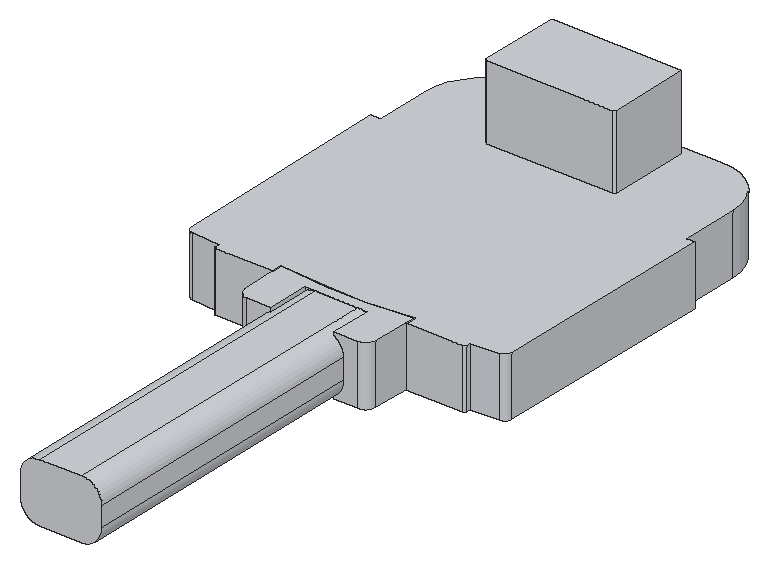
Revit family "Deca_Caixa de descarga embutida para alvenaria e drywall para bacia de piso_Caixa embutida Hydra_2500.CX.AF", category Plumbing Fixtures, host Face, Revit 2019 (continued)
Automatic sketch dimensions
  Masking region 7 sketch curve to Masking region 7 sketch curve = 50.343 mm
  Masking region 7 sketch curve to Masking region 7 sketch curve = 13 mm
  Masking region 7 sketch curve to Masking region 7 sketch curve = 12.68 mm
  Masking region 7 sketch curve to Masking region 7 sketch curve = 3 mm
  Masking region 7 sketch curve to Masking region 7 sketch curve = 118.619 mm
  Masking region 7 sketch curve to Masking region 7 sketch curve = 1.681 mm  (x2)
  Masking region 7 sketch curve to Masking region 7 sketch curve = 6.67 mm
  Masking region 7 sketch curve to Masking region 7 sketch curve = 7.7 mm
  Masking region 7 sketch curve to Masking region 7 sketch curve = 4.711 mm
  Masking region 7 sketch curve to Masking region 7 sketch curve = 9.7 mm
  Masking region 7 sketch curve to Masking region 7 sketch curve = 0.671 mm
  Masking region 7 sketch curve to Masking region 7 sketch curve = 0.837 mm
  Masking region 7 sketch curve to Masking region 7 sketch curve = 1.993 mm
  Masking region 7 sketch curve to Masking region 7 sketch curve = 3.986 mm
  Masking region 7 sketch curve to Masking region 7 sketch curve = 6.65 mm
  Masking region 7 sketch curve to Masking region 7 sketch curve = 1.35 mm  (x2)
  Masking region 7 sketch curve to Masking region 7 sketch curve = 4.65 mm  (x2)
  Masking region 7 sketch curve to Masking region 7 sketch curve = 9 mm  (x2)
  Masking region 7 sketch curve to Masking region 7 sketch curve = 11.5 mm
  Masking region 7 sketch curve to Masking region 7 sketch curve = 0.135 mm
  Masking region 7 sketch curve to Masking region 7 sketch curve = 1.5 mm  (x2)
  Masking region 7 sketch curve to Masking region 7 sketch curve = 79.5 mm
  Masking region 7 sketch curve to Masking region 7 sketch curve = 5.552 mm
  Masking region 7 sketch curve to Masking region 7 sketch curve = 1.448 mm
  Masking region 7 sketch curve to Masking region 7 sketch curve = 0.073 mm
  Masking region 7 sketch curve to Masking region 7 sketch curve = 13.666 mm
  Masking region 7 sketch curve to Masking region 7 sketch curve = 1.413 mm
  Masking region 7 sketch curve to Masking region 7 sketch curve = 2.252 mm
  Masking region 7 sketch curve to Masking region 7 sketch curve = 3.516 mm
  Masking region 7 sketch curve to Masking region 7 sketch curve = 1.332 mm
  Masking region 7 sketch curve to Masking region 7 sketch curve = 11.35 mm  (x2)
  Masking region 7 sketch curve to Masking region 7 sketch curve = 18.6 mm
  Masking region 7 sketch curve to Masking region 7 sketch curve = 6.248 mm
  Masking region 7 sketch curve to Masking region 7 sketch curve = 10.103 mm
  Masking region 7 sketch curve to Masking region 7 sketch curve = 4.55 mm
  Masking region 7 sketch curve to Masking region 7 sketch curve = 0 mm  (x3)
  Masking region 7 sketch curve to Masking region 7 sketch curve = 11 mm
  Masking region 7 sketch curve to Masking region 7 sketch curve = 6.144 mm
  Masking region 6 sketch curve to Masking region 6 sketch curve = 9.198 mm
  Masking region 6 sketch curve to Masking region 6 sketch curve = 5.25 mm
  Masking region 6 sketch curve to Masking region 6 sketch curve = 44 mm
  Masking region 6 sketch curve to Masking region 6 sketch curve = 85.194 mm
  Masking region 7 sketch curve to Masking region 7 sketch curve = 12 mm
  Masking region 7 sketch curve to Masking region 7 sketch curve = 0.781 mm
  Masking region 7 sketch curve to Masking region 7 sketch curve = 1.794 mm
  Masking region 7 sketch curve to Masking region 7 sketch curve = 15.55 mm
  Masking region 7 sketch curve to Masking region 7 sketch curve = 1.376 mm
  Masking region 7 sketch curve to Masking region 7 sketch curve = 1.636 mm
  Masking region 4 sketch curve to Masking region 4 sketch curve = 85.8 mm
  Masking region 4 sketch curve to Masking region 4 sketch curve = 5.25 mm  (x2)
  Masking region 4 sketch curve to Masking region 4 sketch curve = 3.246 mm  (x2)
  Masking region 4 sketch curve to Masking region 4 sketch curve = 1.56 mm  (x2)
  Masking region 4 sketch curve to Masking region 4 sketch curve = 85.193 mm
  Masking region 5 sketch curve to Masking region 5 sketch curve = 150.011 mm
  Masking region 5 sketch curve to Masking region 5 sketch curve = 42.498 mm
  Masking region 5 sketch curve to Masking region 5 sketch curve = 1.121 mm
  Masking region 5 sketch curve to Masking region 5 sketch curve = 0.382 mm  (x2)
  Masking region 5 sketch curve to Masking region 5 sketch curve = 1.118 mm
  Masking region 5 sketch curve to Masking region 5 sketch curve = 86.9 mm
  Masking region 5 sketch curve to Masking region 5 sketch curve = 1.326 mm
  Masking region 5 sketch curve to Masking region 5 sketch curve = 4.46 mm
  Masking region 5 sketch curve to Masking region 5 sketch curve = 7.61 mm  (x2)
  Masking region 5 sketch curve to Masking region 5 sketch curve = 8 mm  (x2)
  Masking region 5 sketch curve to Masking region 5 sketch curve = 0.018 mm
  Masking region 5 sketch curve to Masking region 5 sketch curve = 6.948 mm
  Masking region 8 sketch curve to Masking region 8 sketch curve = 0.103 mm
  Masking region 8 sketch curve to Masking region 8 sketch curve = 6 mm
  Masking region 8 sketch curve to Masking region 8 sketch curve = 0.099 mm
  Masking region 8 sketch curve to Masking region 8 sketch curve = 49.001 mm  (x2)
  Masking region 8 sketch curve to Masking region 8 sketch curve = 0 mm
  Masking region 8 sketch curve to Masking region 8 sketch curve = 6.099 mm
  Masking region 9 sketch curve to Masking region 9 sketch curve = 24.5 mm  (x2)
  Masking region 9 sketch curve to Masking region 9 sketch curve = 1.719 mm  (x2)
  Masking region 9 sketch curve to Masking region 9 sketch curve = 2.531 mm  (x2)
  Masking region 9 sketch curve to Masking region 9 sketch curve = 6.357 mm  (x2)
  Masking region 9 sketch curve to Masking region 9 sketch curve = 4.393 mm  (x2)
  Masking region 9 sketch curve to Masking region 9 sketch curve = 15 mm
  Masking region 9 sketch curve to Masking region 9 sketch curve = 0.131 mm  (x2)
  Masking region 9 sketch curve to Masking region 9 sketch curve = 1.806 mm  (x2)
  Masking region 9 sketch curve to Masking region 9 sketch curve = 10 mm  (x6)
  Masking region 9 sketch curve to Masking region 9 sketch curve = 8.325 mm  (x3)
  Masking region 9 sketch curve to Masking region 9 sketch curve = 16.016 mm  (x2)
  Masking region 9 sketch curve to Masking region 9 sketch curve = 2.628 mm  (x3)
  Masking region 9 sketch curve to Masking region 9 sketch curve = 4.848 mm  (x2)
  Masking region 9 sketch curve to Masking region 9 sketch curve = 6.214 mm  (x2)
  Masking region 9 sketch curve to Masking region 9 sketch curve = 0.063 mm
  Masking region 9 sketch curve to Masking region 9 sketch curve = 151.048 mm
  Masking region 9 sketch curve to Masking region 9 sketch curve = 1.365 mm
  Masking region 9 sketch curve to Masking region 9 sketch curve = 2.632 mm
  Masking region 9 sketch curve to Masking region 9 sketch curve = 8.418 mm
  Masking region 9 sketch curve to Masking region 9 sketch curve = 3.73 mm
  Masking region 9 sketch curve to Masking region 9 sketch curve = 3.869 mm
  Masking region 9 sketch curve to Masking region 9 sketch curve = 24.337 mm
  Masking region 9 sketch curve to Masking region 9 sketch curve = 1.006 mm  (x2)
  Masking region 9 sketch curve to Masking region 9 sketch curve = 1.027 mm  (x2)
  Masking region 9 sketch curve to Masking region 9 sketch curve = 0.01 mm
  Masking region 9 sketch curve to Masking region 9 sketch curve = 0.013 mm  (x2)
  Masking region 9 sketch curve to Masking region 9 sketch curve = 1 mm
  Masking region 9 sketch curve to Masking region 9 sketch curve = 0.323 mm
  Masking region 9 sketch curve to Masking region 9 sketch curve = 6.519 mm  (x2)
  Masking region 9 sketch curve to Masking region 9 sketch curve = 4.481 mm
  Masking region 9 sketch curve to Masking region 9 sketch curve = 6.371 mm  (x2)
  Masking region 9 sketch curve to Masking region 9 sketch curve = 2.978 mm  (x2)
  Masking region 9 sketch curve to Masking region 9 sketch curve = 14.488 mm
  Masking region 9 sketch curve to Masking region 9 sketch curve = 15.661 mm
  Masking region 9 sketch curve to Masking region 9 sketch curve = 1.161 mm
  Masking region 9 sketch curve to Masking region 9 sketch curve = 0.901 mm
  Masking region 9 sketch curve to Masking region 9 sketch curve = 1.571 mm
  Masking region 9 sketch curve to Masking region 9 sketch curve = 1.299 mm
  Masking region 9 sketch curve to Masking region 9 sketch curve = 0.004 mm
  Masking region 9 sketch curve to Masking region 9 sketch curve = 0.577 mm  (x2)
  Masking region 9 sketch curve to Masking region 9 sketch curve = 0.446 mm  (x2)
  Masking region 9 sketch curve to Masking region 9 sketch curve = 0 mm  (x6)
  Masking region 9 sketch curve to Masking region 9 sketch curve = 2.131 mm
  Masking region 9 sketch curve to Masking region 9 sketch curve = 0.022 mm  (x3)
  Masking region 8 sketch curve to Masking region 8 sketch curve = 85.8 mm
  Masking region 8 sketch curve to Masking region 8 sketch curve = 5.25 mm  (x2)
  Masking region 8 sketch curve to Masking region 8 sketch curve = 3.246 mm  (x2)
  Masking region 8 sketch curve to Masking region 8 sketch curve = 1.56 mm  (x2)
  Masking region 8 sketch curve to Masking region 8 sketch curve = 85.193 mm
  Masking region 9 sketch curve to Masking region 9 sketch curve = 150.011 mm
  Masking region 9 sketch curve to Masking region 9 sketch curve = 42.498 mm
  Masking region 9 sketch curve to Masking region 9 sketch curve = 1.121 mm
  Masking region 9 sketch curve to Masking region 9 sketch curve = 0.382 mm  (x2)
  Masking region 9 sketch curve to Masking region 9 sketch curve = 1.118 mm
  Masking region 9 sketch curve to Masking region 9 sketch curve = 86.9 mm
  Masking region 9 sketch curve to Masking region 9 sketch curve = 1.326 mm
  Masking region 9 sketch curve to Masking region 9 sketch curve = 4.46 mm
  Masking region 9 sketch curve to Masking region 9 sketch curve = 7.61 mm  (x2)
  Masking region 9 sketch curve to Masking region 9 sketch curve = 8 mm  (x2)
  Masking region 9 sketch curve to Masking region 9 sketch curve = 0.018 mm
  Masking region 9 sketch curve to Masking region 9 sketch curve = 6.948 mm
  Masking region 10 sketch curve to Masking region 10 sketch curve = 0.103 mm
  Masking region 10 sketch curve to Masking region 10 sketch curve = 6 mm
  Masking region 10 sketch curve to Masking region 10 sketch curve = 0.099 mm
  Masking region 10 sketch curve to Masking region 10 sketch curve = 49.001 mm  (x2)
  Masking region 10 sketch curve to Masking region 10 sketch curve = 0 mm
  Masking region 10 sketch curve to Masking region 10 sketch curve = 6.099 mm
  Masking region 11 sketch curve to Masking region 11 sketch curve = 24.5 mm  (x2)
  Masking region 11 sketch curve to Masking region 11 sketch curve = 1.719 mm  (x2)
  Masking region 11 sketch curve to Masking region 11 sketch curve = 2.531 mm  (x2)
  Masking region 11 sketch curve to Masking region 11 sketch curve = 6.357 mm  (x2)
  Masking region 11 sketch curve to Masking region 11 sketch curve = 4.393 mm  (x2)
  Masking region 11 sketch curve to Masking region 11 sketch curve = 15 mm
  Masking region 11 sketch curve to Masking region 11 sketch curve = 0.131 mm  (x2)
  Masking region 11 sketch curve to Masking region 11 sketch curve = 1.806 mm  (x2)
  Masking region 11 sketch curve to Masking region 11 sketch curve = 10 mm  (x6)
  Masking region 11 sketch curve to Masking region 11 sketch curve = 8.325 mm  (x3)
  Masking region 11 sketch curve to Masking region 11 sketch curve = 16.016 mm  (x2)
  Masking region 11 sketch curve to Masking region 11 sketch curve = 2.628 mm  (x3)
  Masking region 11 sketch curve to Masking region 11 sketch curve = 4.848 mm  (x2)
  Masking region 11 sketch curve to Masking region 11 sketch curve = 6.214 mm  (x2)
  Masking region 11 sketch curve to Masking region 11 sketch curve = 0.063 mm
  Masking region 11 sketch curve to Masking region 11 sketch curve = 151.048 mm
  Masking region 11 sketch curve to Masking region 11 sketch curve = 1.365 mm
  Masking region 11 sketch curve to Masking region 11 sketch curve = 2.632 mm
  Masking region 11 sketch curve to Masking region 11 sketch curve = 8.418 mm
  Masking region 11 sketch curve to Masking region 11 sketch curve = 3.73 mm
  Masking region 11 sketch curve to Masking region 11 sketch curve = 3.869 mm
  Masking region 11 sketch curve to Masking region 11 sketch curve = 24.337 mm
  Masking region 11 sketch curve to Masking region 11 sketch curve = 1.006 mm  (x2)
  Masking region 11 sketch curve to Masking region 11 sketch curve = 1.027 mm  (x2)
  Masking region 11 sketch curve to Masking region 11 sketch curve = 0.01 mm
  Masking region 11 sketch curve to Masking region 11 sketch curve = 0.013 mm  (x2)
  Masking region 11 sketch curve to Masking region 11 sketch curve = 1 mm
  Masking region 11 sketch curve to Masking region 11 sketch curve = 0.323 mm
  Masking region 11 sketch curve to Masking region 11 sketch curve = 6.519 mm  (x2)
  Masking region 11 sketch curve to Masking region 11 sketch curve = 4.481 mm
  Masking region 11 sketch curve to Masking region 11 sketch curve = 6.371 mm  (x2)
  Masking region 11 sketch curve to Masking region 11 sketch curve = 2.978 mm  (x2)
  Masking region 11 sketch curve to Masking region 11 sketch curve = 14.488 mm
  Masking region 11 sketch curve to Masking region 11 sketch curve = 15.661 mm
  Masking region 11 sketch curve to Masking region 11 sketch curve = 1.161 mm
  Masking region 11 sketch curve to Masking region 11 sketch curve = 0.901 mm
  Masking region 11 sketch curve to Masking region 11 sketch curve = 1.571 mm
  Masking region 11 sketch curve to Masking region 11 sketch curve = 1.299 mm
  Masking region 11 sketch curve to Masking region 11 sketch curve = 0.004 mm
  Masking region 11 sketch curve to Masking region 11 sketch curve = 0.577 mm  (x2)
  Masking region 11 sketch curve to Masking region 11 sketch curve = 0.446 mm  (x2)
  Masking region 11 sketch curve to Masking region 11 sketch curve = 0 mm  (x6)
  Masking region 11 sketch curve to Masking region 11 sketch curve = 2.131 mm
  Masking region 11 sketch curve to Masking region 11 sketch curve = 0.022 mm  (x3)
  Masking region 10 sketch curve to Masking region 10 sketch curve = 85.8 mm
  Masking region 10 sketch curve to Masking region 10 sketch curve = 5.25 mm  (x2)
  Masking region 10 sketch curve to Masking region 10 sketch curve = 3.246 mm  (x2)
  Masking region 10 sketch curve to Masking region 10 sketch curve = 1.56 mm  (x2)
  Masking region 10 sketch curve to Masking region 10 sketch curve = 85.193 mm
  Masking region 11 sketch curve to Masking region 11 sketch curve = 150.011 mm
  Masking region 11 sketch curve to Masking region 11 sketch curve = 42.498 mm
  Masking region 11 sketch curve to Masking region 11 sketch curve = 1.121 mm
  Masking region 11 sketch curve to Masking region 11 sketch curve = 0.382 mm  (x2)
  Masking region 11 sketch curve to Masking region 11 sketch curve = 1.118 mm
  Masking region 11 sketch curve to Masking region 11 sketch curve = 86.9 mm
  Masking region 11 sketch curve to Masking region 11 sketch curve = 1.326 mm
  Masking region 11 sketch curve to Masking region 11 sketch curve = 4.46 mm
  Masking region 11 sketch curve to Masking region 11 sketch curve = 7.61 mm  (x2)
  Masking region 11 sketch curve to Masking region 11 sketch curve = 8 mm  (x2)
  Masking region 11 sketch curve to Masking region 11 sketch curve = 0.018 mm
  Masking region 11 sketch curve to Masking region 11 sketch curve = 6.948 mm
  Masking region 12 sketch curve to Masking region 12 sketch curve = 1 mm  (x2)
  Masking region 12 sketch curve to Masking region 12 sketch curve = 91.8 mm
  Masking region 12 sketch curve to Masking region 12 sketch curve = 754.85 mm
  Masking region 12 sketch curve to Masking region 12 sketch curve = 0 mm  (x3)
  Masking region 12 sketch curve to Masking region 12 sketch curve = 6 mm  (x3)
  Masking region 12 sketch curve to Masking region 12 sketch curve = 118.5 mm
  Masking region 12 sketch curve to Masking region 12 sketch curve = 8.496 mm
  Masking region 12 sketch curve to Masking region 12 sketch curve = 4.806 mm
  Masking region 12 sketch curve to Masking region 12 sketch curve = 3.246 mm
  Masking region 12 sketch curve to Masking region 12 sketch curve = 1.56 mm  (x2)
  Masking region 13 sketch curve to Masking region 13 sketch curve = 474 mm
  Masking region 13 sketch curve to Masking region 13 sketch curve = 22.303 mm
  Masking region 13 sketch curve to Masking region 13 sketch curve = 0.04 mm
  Masking region 13 sketch curve to Masking region 13 sketch curve = 37.758 mm
  Masking region 13 sketch curve to Masking region 13 sketch curve = 274.219 mm
  Masking region 13 sketch curve to Masking region 13 sketch curve = 0.022 mm
  Masking region 13 sketch curve to Masking region 13 sketch curve = 50 mm
  Masking region 13 sketch curve to Masking region 13 sketch curve = 50.343 mm
  Masking region 13 sketch curve to Masking region 13 sketch curve = 13 mm
  Masking region 13 sketch curve to Masking region 13 sketch curve = 12.68 mm
  Masking region 13 sketch curve to Masking region 13 sketch curve = 3 mm
  Masking region 13 sketch curve to Masking region 13 sketch curve = 118.619 mm
  Masking region 13 sketch curve to Masking region 13 sketch curve = 1.681 mm  (x2)
  Masking region 13 sketch curve to Masking region 13 sketch curve = 6.67 mm
  Masking region 13 sketch curve to Masking region 13 sketch curve = 7.7 mm
  Masking region 13 sketch curve to Masking region 13 sketch curve = 4.711 mm
  Masking region 13 sketch curve to Masking region 13 sketch curve = 9.7 mm
  Masking region 13 sketch curve to Masking region 13 sketch curve = 0.671 mm
  Masking region 13 sketch curve to Masking region 13 sketch curve = 0.837 mm
  Masking region 13 sketch curve to Masking region 13 sketch curve = 1.993 mm
  Masking region 13 sketch curve to Masking region 13 sketch curve = 3.986 mm
  Masking region 13 sketch curve to Masking region 13 sketch curve = 6.65 mm
  Masking region 13 sketch curve to Masking region 13 sketch curve = 1.35 mm  (x2)
  Masking region 13 sketch curve to Masking region 13 sketch curve = 4.65 mm  (x2)
  Masking region 13 sketch curve to Masking region 13 sketch curve = 9 mm  (x2)
  Masking region 13 sketch curve to Masking region 13 sketch curve = 11.5 mm
  Masking region 13 sketch curve to Masking region 13 sketch curve = 0.135 mm
  Masking region 13 sketch curve to Masking region 13 sketch curve = 1.5 mm  (x2)
  Masking region 13 sketch curve to Masking region 13 sketch curve = 79.5 mm
  Masking region 13 sketch curve to Masking region 13 sketch curve = 5.552 mm
  Masking region 13 sketch curve to Masking region 13 sketch curve = 1.448 mm
  Masking region 13 sketch curve to Masking region 13 sketch curve = 0.073 mm
  Masking region 13 sketch curve to Masking region 13 sketch curve = 13.666 mm
  Masking region 13 sketch curve to Masking region 13 sketch curve = 1.413 mm
  Masking region 13 sketch curve to Masking region 13 sketch curve = 2.252 mm
  Masking region 13 sketch curve to Masking region 13 sketch curve = 3.516 mm
  Masking region 13 sketch curve to Masking region 13 sketch curve = 1.332 mm
  Masking region 13 sketch curve to Masking region 13 sketch curve = 11.35 mm  (x2)
  Masking region 13 sketch curve to Masking region 13 sketch curve = 18.6 mm
  Masking region 13 sketch curve to Masking region 13 sketch curve = 6.248 mm
  Masking region 13 sketch curve to Masking region 13 sketch curve = 10.103 mm
  Masking region 13 sketch curve to Masking region 13 sketch curve = 4.55 mm
  Masking region 13 sketch curve to Masking region 13 sketch curve = 0 mm  (x3)
  Masking region 13 sketch curve to Masking region 13 sketch curve = 11 mm
  Masking region 13 sketch curve to Masking region 13 sketch curve = 6.144 mm
  Masking region 12 sketch curve to Masking region 12 sketch curve = 9.198 mm
  Masking region 12 sketch curve to Masking region 12 sketch curve = 5.25 mm
  Masking region 12 sketch curve to Masking region 12 sketch curve = 44 mm
  Masking region 12 sketch curve to Masking region 12 sketch curve = 85.194 mm
  Masking region 13 sketch curve to Masking region 13 sketch curve = 12 mm
  Masking region 13 sketch curve to Masking region 13 sketch curve = 0.781 mm
  Masking region 13 sketch curve to Masking region 13 sketch curve = 1.794 mm
  Masking region 13 sketch curve to Masking region 13 sketch curve = 15.55 mm
  Masking region 13 sketch curve to Masking region 13 sketch curve = 1.376 mm
  Masking region 13 sketch curve to Masking region 13 sketch curve = 1.636 mm
  radius of curve 346 = 22 mm
  radius of curve 349 = 22 mm
  radius of curve 350 = 18.5 mm
  radius of curve 355 = 9.3 mm
  radius of curve 373 = 9.791 mm
  radius of curve 374 = 9.791 mm
  radius of curve 44 = 35.594 mm
  radius of curve 169 = 13 mm
  radius of Extrusion 1 sketch curve = 40 mm
  radius of Extrusion 5 sketch curve = 13.036 mm
  radius of Extrusion 10 sketch curve = 13.036 mm
Connectors
  piping at (16.825, 55, -10.261), diameter 40, driven by "Raio Água Fria Saída"
    settings: on free form element, index 1, connector inside diameter 609.6 mm, connector length 0 mm, flow factor 0, pipe flow 0.0 L/s, pressure drop 0.0 Pa, fitting loss kfactor 0, connector angle 0.00°, fixture units 0, engagement length 0 mm, angle of deflection 0.00°, flow configuration 3, flow direction 2, fitting loss method 4, system type 20, joint type 0, gender type 0, connector reference index -1, connector utility 0, adjustable connector no, is connector primary yes, connector description ""
  piping at (-50.675, 1024.15, -88.991), diameter 15, driven by "Raio Água Fria"
    settings: on Extrusion 5, index 2, connector inside diameter 609.6 mm, connector length 0 mm, flow factor 0, pipe flow 0.0 L/s, pressure drop 0.0 Pa, fitting loss kfactor 0, connector angle 0.00°, fixture units 0, engagement length 0 mm, angle of deflection 0.00°, flow configuration 3, flow direction 1, fitting loss method 4, system type 20, joint type 0, gender type 0, connector reference index -1, connector utility 0, adjustable connector no, is connector primary no, connector description ""
Types (2, lengths in mm): name | Peso Líquido (Kg) | Model | Itens de Instalação | Composição Básica
  2500.CX.MC.AF | 3.835 | "2500.CX.MC.AF" | "4900.C.HPR.DUO; 4900.C.HSL.DUO; 4900.E.HSL.DUO.BR" | "Liga cobre (bronze e latão),Aço,Plástico de Engenharia,Elastômeros"
  2500.CX.PN.AF | 3.795 | "2500.CX.PN.AF" | "4900.CHQD.DUO; 4900.E.HQD.DUO.BR; 4900.F.HQD.DUO.PT" | "Liga de Cobre (bronze e latão),Plásticos de Engenharia,Elastômeros"
